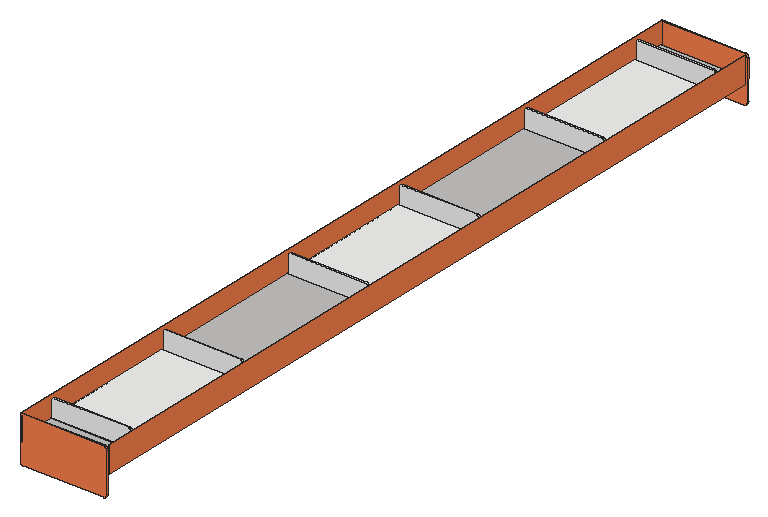
Revit family "Storage-Teknion-BALWO_Lateral_Worksurface_Organizer-R2018", category Furniture, Revit 2018
Family settings
  OmniClass Number = 23.40.20.00
  OmniClass Title = General Furniture and Specialties
  Work Plane-Based = Yes
  Always vertical = Yes
  Cut with Voids When Loaded = No
  Shared = Yes
  Room Calculation Point = No
Parameters (values of type "Lateral Worksurface Organizer")
  Warranty = "http://www.teknion.com/ca/papers/legal-canada"
  Unit Weight URL = "http://www.teknion.com/ca/tools/assets#&asset=bee6a381-b954-425e-8283-5a2de3a804f2,f828d448-4b62-4231-9e5f-9a8991c0ed77"
  URL = "www.teknion.com"
  Top End Bay Visibility [instance] = or(Depth > 22.000")  # yes
  To render please download texture images found here [instance] = "https://assets.teknion.com/web/5e81352c1dfdb467/revit-material-swatches/"
  Sustainability Data = "https://www.teknion.com/ca/tools/assets#&topic=216f99a5-57a0-44fc-b10a-9dee9b29ae4c&asset=444deb64-fe58-4b68-981e-f75e97781df7,b4ff2d81-9f2e-437d-9659-7cffb09c31cf"
  Sliding Tray Finish [instance] = Paint - Teknion - Mica - Very White
  Series = "Expansion Casegoods"  # constant formula
  Product Page URL = "https://www.teknion.com/ca/products/product-details?productlineid=0053336e-8e7a-673b-a6c8-ff00004460c4"
  Product Line = "Expansion Casegoods"  # constant formula
  Product Documentation Link = "https://www.teknion.com/pricing/expansion-casegoods/pdfs/Balwo_ppg.pdf"
  Part Number = "BALWO"  # constant formula
  Organizer Finish [instance] = Paint - Teknion - Accent - Tangelo
  Model = "BALWO_"
  Manufacturer Phone = "416-661-3370"  # constant formula
  Manufacturer Fax = "416.661.4586"  # constant formula
  Manufacturer Contact Information = "http://www.teknion.com/ca/contactus"
  Manufacturer Address = "1150 Flint Road, Toronto, ON. M3J 2J5. Canada"  # constant formula
  Manufacturer = "Teknion"  # constant formula
  Liner Finish [instance] = Fabric-Teknion-RB13-Carrera
  How To Use Teknion Materials User Guide [instance] = "https://assets.teknion.com/m/205dd0a49fa58060/original/How-to-add-a-Material-Library-and-Texture-Images-to-your-Revit-project.pdf"
  For Additional Finishes please visit [instance] = "https://assets.teknion.com/m/44a8009b046e5d47/original/Teknion_Materials_Library.zip"
  Description = "Lateral Worksurface Organizer"
  Depth [instance] = 46.000"
  Default Elevation = 48.000"
  Center Bay Visibility [instance] = or(Depth < 22.000", Depth > 40.000")  # yes
  Bottom End Bay Visibility [instance] = or(Depth > 22.000")  # yes
  Available Depths [instance] = "17, 21, 23, 24, 27, 29, 30, 35, 36, 40, 41, or 46 inches."  # constant formula
  Assembly Code = "E2020200"
  Actual Depth [instance] = Depth + 0.242"  # 46.242"
Reference planes (in)
  plane 1 "Center Front/Back": y = 0.16137
  plane 2: z = 0
  plane 3 "Center Left/Right": x = -0.01692
  plane 4 "Left": x = -2.51692
  plane 5 "Right": x = 2.48308
  plane 6 "Back": y = 23.28237
  plane 7 "Front": y = -22.95963
  plane 8 "Top": z = 0
  plane 9: z = 1.47638
Forms (in)
  Sweep 1, solid, material "Paint - Teknion - Accent - Tangelo" <- "Organizer Finish"
    path origin (0, 0.16137, 0) x (1, 0, 0) y (0, 0, 1)
      loop
        line (-0.01692, 0) -> (-0.01692, 1.47638)
    profile origin (-0.01692, 0.16137, 0.73819) x (-1, 0, 0) y (0, -1, 0)
      loop
        line (2.5, -23.06194) -> (2.5, 23.06194) -> (2.44094, 23.06194) -> (2.44094, -23.06194) -> (2.5, -23.06194)
  Sweep 2, solid, material "Paint - Teknion - Accent - Tangelo" <- "Organizer Finish"
    path origin (0, 0, 0) x (1, 0, 0) y (0, 1, 0)
      loop
        line (-0.01692, -22.72341) -> (-0.01692, 23.04615)
    profile origin (-0.01692, 0.16137, 0) x (-1, 0, 0) y (0, 0, 1)
      loop
        line (2.44094, 0) -> (2.44094, 0.05905) -> (-2.44094, 0.05905) -> (-2.44094, 1.47638) -> (-2.5, 1.47638) -> (-2.5, 0) -> (2.44094, 0)
  Sweep 3, solid, material "Paint - Teknion - Accent - Tangelo" <- "Organizer Finish"
    path origin (0, 0, 0) x (1, 0, 0) y (0, 1, 0)
      loop
        line (-0.01692, 23.28237) -> (-0.01692, 23.22332)
    profile origin (-0.01692, 23.25284, 0) x (1, 0, 0) y (0, 0, 1)
      loop
        line (-2.30315, -1.18898) -> (2.30315, -1.18898)
        arc (2.30315, -1.18898) -> (2.44234, -1.13132) -> (2.5, -0.99213) r 0.19685
        line (2.5, -0.99213) -> (2.5, 1.27953)
        arc (2.5, 1.27953) -> (2.44234, 1.41872) -> (2.30315, 1.47638) r 0.19685
        line (2.30315, 1.47638) -> (-2.5, 1.47638) -> (-2.5, -0.99213)
        arc (-2.5, -0.99213) -> (-2.44234, -1.13132) -> (-2.30315, -1.18898) r 0.19685
  Sweep 4, solid, material "Paint - Teknion - Accent - Tangelo" <- "Organizer Finish"
    path origin (0, -46.18339, 0) x (1, 0, 0) y (0, 1, 0)
      loop
        line (-0.01692, 23.28281) -> (-0.01692, 23.22376)
    profile origin (-0.01692, -22.9301, 0) x (1, 0, 0) y (0, 0, 1)
      loop
        line (-2.30315, -1.18898) -> (2.30315, -1.18898)
        arc (2.30315, -1.18898) -> (2.44234, -1.13132) -> (2.5, -0.99213) r 0.19685
        line (2.5, -0.99213) -> (2.5, 1.27953)
        arc (2.5, 1.27953) -> (2.44234, 1.41872) -> (2.30315, 1.47638) r 0.19685
        line (2.30315, 1.47638) -> (-2.5, 1.47638) -> (-2.5, -0.99213)
        arc (-2.5, -0.99213) -> (-2.44234, -1.13132) -> (-2.30315, -1.18898) r 0.19685
  Sweep 5, solid, material "Fabric-Teknion-RB13-Carrera" <- "Liner Finish"
    path origin (-0.01692, 0, 0) x (0, 1, 0) y (0, 0, 1)
      loop
        line (0.16137, 0.05905) -> (0.16137, 0.33465)
    profile origin (-0.01692, 0.16137, 0.19685) x (0, -1, 0) y (1, 0, 0)
      loop
        line (-22.88478, -2.3622) -> (22.88478, -2.3622) -> (22.88478, 2.3622) -> (-22.88478, 2.3622) -> (-22.88478, -2.3622)
  Sweep 6, solid, material "Paint - Teknion - Mica - Very White" <- "Sliding Tray Finish", visible <- "Bottom End Bay Visibility"
    path origin (0, 0, 0) x (1, 0, 0) y (0, 1, 0)
      loop
        line (-0.01692, -20.87301) -> (-0.01692, -20.93207)
    profile origin (-0.01692, -20.90254, 0) x (1, 0, 0) y (0, 0, 1)
      loop
        line (-2.28346, 0.3937) -> (2.28346, 0.3937) -> (2.28346, 1.3189)
        arc (2.28346, 1.3189) -> (2.23734, 1.43025) -> (2.12598, 1.47638) r 0.15748
        line (2.12598, 1.47638) -> (-2.12599, 1.47638)
        arc (-2.12599, 1.47638) -> (-2.23734, 1.43025) -> (-2.28346, 1.3189) r 0.15748
        line (-2.28346, 1.3189) -> (-2.28346, 0.3937)
  Sweep 7, solid, material "Paint - Teknion - Mica - Very White" <- "Sliding Tray Finish", visible <- "Bottom End Bay Visibility"
    path origin (0, 0, 0) x (1, 0, 0) y (0, 1, 0)
      loop
        line (-0.01692, -20.87301) -> (-0.01692, -12.91238)
    profile origin (-0.01692, -16.8927, 0) x (-1, 0, 0) y (0, 0, 1)
      loop
        line (2.44094, 0.3937) -> (-2.44094, 0.3937) -> (-2.44094, 0.1378) -> (-2.38189, 0.1378) -> (-2.38189, 0.33465) -> (2.38189, 0.33465) -> (2.38189, 0.1378) -> (2.44094, 0.1378) -> (2.44094, 0.3937)
  Sweep 8, solid, material "Paint - Teknion - Mica - Very White" <- "Sliding Tray Finish", visible <- "Bottom End Bay Visibility"
    path origin (0, 8.01968, 0) x (1, 0, 0) y (0, 1, 0)
      loop
        line (-0.01692, -20.87301) -> (-0.01692, -20.93207)
    profile origin (-0.01692, -12.88286, 0) x (1, 0, 0) y (0, 0, 1)
      loop
        line (-2.28346, 0.3937) -> (2.28346, 0.3937) -> (2.28346, 1.3189)
        arc (2.28346, 1.3189) -> (2.23734, 1.43025) -> (2.12598, 1.47638) r 0.15748
        line (2.12598, 1.47638) -> (-2.12599, 1.47638)
        arc (-2.12599, 1.47638) -> (-2.23734, 1.43025) -> (-2.28346, 1.3189) r 0.15748
        line (-2.28346, 1.3189) -> (-2.28346, 0.3937)
  Sweep 9, solid, material "Paint - Teknion - Mica - Very White" <- "Sliding Tray Finish", visible <- "Center Bay Visibility"
    path origin (0, 17.05429, 0) x (1, 0, 0) y (0, 1, 0)
      loop
        line (-0.01692, -20.87324) -> (-0.01692, -20.93229)
    profile origin (-0.01692, -3.84847, 0) x (1, 0, 0) y (0, 0, 1)
      loop
        line (-2.28346, 0.3937) -> (2.28346, 0.3937) -> (2.28346, 1.3189)
        arc (2.28346, 1.3189) -> (2.23734, 1.43025) -> (2.12598, 1.47638) r 0.15748
        line (2.12598, 1.47638) -> (-2.12599, 1.47638)
        arc (-2.12599, 1.47638) -> (-2.23734, 1.43025) -> (-2.28346, 1.3189) r 0.15748
        line (-2.28346, 1.3189) -> (-2.28346, 0.3937)
  Sweep 10, solid, material "Paint - Teknion - Mica - Very White" <- "Sliding Tray Finish", visible <- "Center Bay Visibility"
    path origin (0, 25.07398, 0) x (1, 0, 0) y (0, 1, 0)
      loop
        line (-0.01692, -20.87324) -> (-0.01692, -20.93229)
    profile origin (-0.01692, 4.17121, 0) x (1, 0, 0) y (0, 0, 1)
      loop
        line (-2.28346, 0.3937) -> (2.28346, 0.3937) -> (2.28346, 1.3189)
        arc (2.28346, 1.3189) -> (2.23734, 1.43025) -> (2.12598, 1.47638) r 0.15748
        line (2.12598, 1.47638) -> (-2.12599, 1.47638)
        arc (-2.12599, 1.47638) -> (-2.23734, 1.43025) -> (-2.28346, 1.3189) r 0.15748
        line (-2.28346, 1.3189) -> (-2.28346, 0.3937)
  Sweep 11, solid, material "Paint - Teknion - Mica - Very White" <- "Sliding Tray Finish", visible <- "Top End Bay Visibility"
    path origin (0, 34.10858, 0) x (1, 0, 0) y (0, 1, 0)
      loop
        line (-0.01692, -20.87346) -> (-0.01692, -20.93251)
    profile origin (-0.01692, 13.2056, 0) x (1, 0, 0) y (0, 0, 1)
      loop
        line (-2.28346, 0.3937) -> (2.28346, 0.3937) -> (2.28346, 1.3189)
        arc (2.28346, 1.3189) -> (2.23734, 1.43025) -> (2.12598, 1.47638) r 0.15748
        line (2.12598, 1.47638) -> (-2.12599, 1.47638)
        arc (-2.12599, 1.47638) -> (-2.23734, 1.43025) -> (-2.28346, 1.3189) r 0.15748
        line (-2.28346, 1.3189) -> (-2.28346, 0.3937)
  Sweep 12, solid, material "Paint - Teknion - Mica - Very White" <- "Sliding Tray Finish", visible <- "Top End Bay Visibility"
    path origin (0, 42.12827, 0) x (1, 0, 0) y (0, 1, 0)
      loop
        line (-0.01692, -20.87346) -> (-0.01692, -20.93251)
    profile origin (-0.01692, 21.22528, 0) x (1, 0, 0) y (0, 0, 1)
      loop
        line (-2.28346, 0.3937) -> (2.28346, 0.3937) -> (2.28346, 1.3189)
        arc (2.28346, 1.3189) -> (2.23734, 1.43025) -> (2.12598, 1.47638) r 0.15748
        line (2.12598, 1.47638) -> (-2.12599, 1.47638)
        arc (-2.12599, 1.47638) -> (-2.23734, 1.43025) -> (-2.28346, 1.3189) r 0.15748
        line (-2.28346, 1.3189) -> (-2.28346, 0.3937)
  Sweep 13, solid, material "Paint - Teknion - Mica - Very White" <- "Sliding Tray Finish", visible <- "Top End Bay Visibility"
    path origin (0, 34.10858, 0) x (1, 0, 0) y (0, 1, 0)
      loop
        line (-0.01692, -20.87346) -> (-0.01692, -12.91283)
    profile origin (-0.01692, 17.21544, 0) x (-1, 0, 0) y (0, 0, 1)
      loop
        line (2.44094, 0.3937) -> (-2.44094, 0.3937) -> (-2.44094, 0.1378) -> (-2.38189, 0.1378) -> (-2.38189, 0.33465) -> (2.38189, 0.33465) -> (2.38189, 0.1378) -> (2.44094, 0.1378) -> (2.44094, 0.3937)
  Sweep 14, solid, material "Paint - Teknion - Mica - Very White" <- "Sliding Tray Finish", visible <- "Center Bay Visibility"
    path origin (0, 17.05429, 0) x (1, 0, 0) y (0, 1, 0)
      loop
        line (-0.01692, -20.87324) -> (-0.01692, -12.9126)
    profile origin (-0.01692, 0.16137, 0) x (-1, 0, 0) y (0, 0, 1)
      loop
        line (2.44094, 0.3937) -> (-2.44094, 0.3937) -> (-2.44094, 0.1378) -> (-2.38189, 0.1378) -> (-2.38189, 0.33465) -> (2.38189, 0.33465) -> (2.38189, 0.1378) -> (2.44094, 0.1378) -> (2.44094, 0.3937)
  Sweep 15, solid, material "Paint - Teknion - Accent - Tangelo" <- "Organizer Finish"
    path origin (0, 0, 0) x (1, 0, 0) y (0, 1, 0)
      loop
        line (-0.01692, -22.72341) -> (-0.01692, -22.90057)
    profile origin (-0.01692, -22.81199, 0) x (1, 0, 0) y (0, 0, 1)
      loop
        line (-0.72835, 0.05905) -> (-0.72835, 0) -> (0.72835, 0) -> (0.72835, 0.05905) -> (-0.72835, 0.05905)
  Sweep 16, solid, material "Paint - Teknion - Accent - Tangelo" <- "Organizer Finish"
    path origin (0, 0.32274, 0) x (1, 0, 0) y (0, -1, 0)
      loop
        line (-0.01692, -22.72341) -> (-0.01692, -22.90057)
    profile origin (-0.01692, 23.13473, 0) x (-1, 0, 0) y (0, 0, 1)
      loop
        line (0.72835, 0.05905) -> (-0.72835, 0.05905) -> (-0.72835, 0) -> (0.72835, 0) -> (0.72835, 0.05905)
Lines and regions (in)
  Masking region 1
    outline origin (0, 0, 0) x (1, 0, 0) y (0, 1, 0)
      loop
        line (-2.51692, 23.28237) -> (-2.51692, 23.22332) -> (2.48308, 23.22332) -> (2.48308, 23.28237) -> (-2.51692, 23.28237)
  Masking region 2
    outline origin (0, 0, 0) x (1, 0, 0) y (0, 1, 0)
      loop
        line (-2.51692, 23.22332) -> (-2.51692, -22.90057) -> (-2.45787, -22.90057) -> (-2.45787, 23.22332) -> (-2.51692, 23.22332)
      loop
        line (2.42402, 23.04615) -> (2.42402, -22.72341) -> (2.48308, -22.72341) -> (2.48308, 23.04615) -> (2.42402, 23.04615)
  Masking region 3
    outline origin (0, 0, 0) x (1, 0, 0) y (0, 1, 0)
      loop
        line (-2.45787, -22.72341) -> (2.42402, -22.72341) -> (2.42402, 23.04615) -> (-2.45787, 23.04615) -> (-2.45787, -22.72341)
  Masking region 4
    outline origin (0, 0, 0) x (1, 0, 0) y (0, 1, 0)
      loop
        line (-2.51692, -22.90057) -> (-2.51692, -22.95963) -> (2.48308, -22.95963) -> (2.48308, -22.90057) -> (-2.51692, -22.90057)
  Masking region 5
    outline origin (0, 0, 0) x (1, 0, 0) y (0, 1, 0)
      loop
        line (-0.74527, 23.22332) -> (-0.74527, 23.04615) -> (0.71143, 23.04615) -> (0.71143, 23.22332) -> (-0.74527, 23.22332)
  Masking region 6
    outline origin (0, 0, 0) x (1, 0, 0) y (0, 1, 0)
      loop
        line (-0.74527, -22.72341) -> (-0.74527, -22.90057) -> (0.71143, -22.90057) -> (0.71143, -22.72341) -> (-0.74527, -22.72341)
  symbolic lines, style "Furniture", visible <- "Top End Bay Visibility"
    curve 1: line (2.42402, 21.19576, 0) -> (-2.45787, 21.19576, 0)
    curve 2: line (2.42402, 13.23513, 0) -> (-2.45787, 13.23513, 0)
    curve 3: line (-2.30039, 13.23513, 0) -> (-2.30039, 13.17607, 0)
    curve 4: line (-2.30039, 13.17607, 0) -> (2.26654, 13.17607, 0)
    curve 5: line (2.26654, 13.17607, 0) -> (2.26654, 13.23513, 0)
    curve 6: line (-2.30039, 21.25481, 0) -> (-2.30039, 21.19576, 0)
    curve 7: line (-2.30039, 21.25481, 0) -> (2.26654, 21.25481, 0)
    curve 8: line (2.26654, 21.19576, 0) -> (2.26654, 21.25481, 0)
    curve 9: line (2.36497, 21.19576, 0) -> (2.36497, 13.23513, 0)
    curve 10: line (-2.39881, 13.23513, 0) -> (-2.39881, 21.19576, 0)
  symbolic lines, style "Furniture", visible <- "Center Bay Visibility"
    curve 11: line (2.42402, 4.14169, 0) -> (-2.45787, 4.14169, 0)
  symbolic lines, style "FurnitureHiddenLines", visible <- "Center Bay Visibility"
    curve 12: line (-2.30039, 4.20074, 0) -> (-2.30039, 4.14169, 0)
    curve 13: line (-2.30039, 4.20074, 0) -> (2.26654, 4.20074, 0)
    curve 14: line (2.26654, 4.14169, 0) -> (2.26654, 4.20074, 0)
    curve 15: line (2.42402, 4.14169, 0) -> (-2.45787, 4.14169, 0)
    curve 16: line (2.42402, -3.81894, 0) -> (-2.45787, -3.81894, 0)
    curve 17: line (-2.30039, -3.81894, 0) -> (-2.30039, -3.878, 0)
    curve 18: line (-2.30039, -3.878, 0) -> (2.26654, -3.878, 0)
    curve 19: line (2.26654, -3.878, 0) -> (2.26654, -3.81894, 0)
  symbolic lines, visible <- "Bottom End Bay Visibility"
    curve 20: line (2.42402, -12.91238, 0) -> (-2.45787, -12.91238, 0)
    curve 21: line (2.42402, -20.87301, 0) -> (-2.45787, -20.87301, 0)
    curve 22: line (-2.30039, -20.93207, 0) -> (2.26654, -20.93207, 0)
    curve 23: line (-2.30039, -20.87301, 0) -> (-2.30039, -20.93207, 0)
    curve 24: line (2.26654, -20.93207, 0) -> (2.26654, -20.87301, 0)
    curve 25: line (-2.30039, -12.85333, 0) -> (-2.30039, -12.91238, 0)
    curve 26: line (-2.30039, -12.85333, 0) -> (2.26654, -12.85333, 0)
    curve 27: line (2.26654, -12.91238, 0) -> (2.26654, -12.85333, 0)
  symbolic lines, style "FurnitureHiddenLines", visible <- "Bottom End Bay Visibility", detail levels fine
    curve 28: line (-2.39881, -20.87301, 0) -> (-2.39881, -12.91238, 0)
    curve 29: line (2.36497, -12.91238, 0) -> (2.36497, -20.87301, 0)
  symbolic lines, style "FurnitureHiddenLines", detail levels medium+fine
    curve 30: line (-2.37913, 23.04615, 0) -> (-2.37913, -22.72341, 0)
    curve 31: line (2.34528, -22.72341, 0) -> (2.34528, 23.04615, 0)
  symbolic lines, style "FurnitureHiddenLines", visible <- "Center Bay Visibility", detail levels fine
    curve 32: line (-2.39881, -3.81894, 0) -> (-2.39881, 4.14169, 0)
    curve 33: line (2.36497, 4.14169, 0) -> (2.36497, -3.81894, 0)
  symbolic lines, style "FurnitureHiddenLines", visible <- "Top End Bay Visibility", detail levels fine
    curve 34: line (-2.39881, 13.23513, 0) -> (-2.39881, 21.19576, 0)
    curve 35: line (2.36497, 21.19576, 0) -> (2.36497, 13.23513, 0)
  reference lines
    curve 36: line (-2.51692, 23.28237, 0) -> (2.48308, 23.28237, 0)
    curve 37: line (-2.51692, -22.95963, 0) -> (2.48308, -22.95963, 0)
Dimensions and locks (in)
  equal spacing: plane 4 "Left", plane 3 "Center Left/Right", plane 5 "Right", locked at 2.5 each
  "Actual Depth": plane 6 "Back" to plane 7 "Front"
  plane 8 "Top" to level = 0.000"
  equal spacing: plane 7 "Front", plane 1 "Center Front/Back", plane 6 "Back"
  locked: plane 9 to plane 8 "Top" at 1.47638
  locked: plane 4 "Left" to Sweep 1 sketch curve at 0.05906
  locked: plane 7 "Front" to Sweep 1 sketch curve at 0.05906
  locked: plane 6 "Back" to Sweep 1 sketch curve at 0.05906
  locked: Sweep 2 sketch curve to plane 8 "Top" at 0.05905
  locked: Sweep 2 sketch curve to plane 5 "Right" at 0.05906
  locked: Sweep 2 sketch curve to plane 4 "Left" at 0.05906
  locked: plane 6 "Back" to Sweep 2 sketch curve at 0.23622
  locked: plane 7 "Front" to Sweep 2 sketch curve at 0.23622
  locked: plane 6 "Back" to Sweep 3 sketch curve at 0.05906
  locked: Sweep 3 sketch curve to plane 5 "Right" at 0.19685  (x2)
  locked: plane 9 to Sweep 3 sketch curve at 0.19685
  locked: plane 8 "Top" to Sweep 3 sketch curve at 0.99213  (x2)
  locked: Sweep 3 sketch curve to plane 4 "Left" at 0.19685
  locked: plane 7 "Front" to Sweep 4 sketch curve at 0.05906
  plane 8 "Top" to Sweep 4 sketch curve to Sweep 4 sketch curve to Sweep 4 sketch curve = 0.99213" locked, 0.000" locked, 0.19685" locked
  locked: Sweep 4 sketch curve to plane 4 "Left" at 0.19685
  locked: Sweep 4 sketch curve to plane 5 "Right" at 0.19685
  locked: plane 9 to Sweep 4 sketch curve at 0.19685
  Sweep 5 sketch curve to Sweep 5 sketch curve to plane 8 "Top" = 0.27559" locked, 0.05905" locked
  locked: Sweep 5 sketch curve to plane 5 "Right" at 0.1378
  locked: plane 4 "Left" to Sweep 5 sketch curve at 0.1378
  locked: plane 7 "Front" to Sweep 5 sketch curve at 0.23622
  locked: plane 6 "Back" to Sweep 5 sketch curve at 0.23622
  plane 7 "Front" to Sweep 6 sketch curve to Sweep 6 sketch curve = 2.02756" locked, 0.05905" locked
  locked: plane 9 to Sweep 6 sketch curve at 0.15748  (x2)
  locked: Sweep 6 sketch curve to plane 5 "Right" at 0.37402
  locked: Sweep 6 sketch curve to plane 4 "Left" at 0.37401
  locked: Sweep 6 sketch curve to plane 8 "Top" at 0.3937
  plane 7 "Front" to Sweep 7 sketch curve to Sweep 7 sketch curve = 2.08662" locked, 7.96063" locked
  Sweep 7 sketch curve to Sweep 7 sketch curve to plane 4 "Left" = 0.05906" locked, 0.05906" locked
  Sweep 7 sketch curve to Sweep 7 sketch curve to plane 5 "Right" = 0.05906" locked, 0.05906" locked
  Sweep 7 sketch curve to Sweep 7 sketch curve to Sweep 7 sketch curve to Sweep 7 sketch curve to plane 8 "Top" = 0.05905" locked, 0.19685" locked, 0.000" locked, 0.1378" locked
  plane 7 "Front" to Sweep 8 sketch curve to Sweep 8 sketch curve = 10.04725" locked, 0.05905" locked
  Sweep 9 sketch curve to Sweep 9 sketch curve to plane 1 "Center Front/Back" = 0.05905" locked, 3.98031" locked
  plane 1 "Center Front/Back" to Sweep 10 sketch curve to Sweep 10 sketch curve = 3.98032" locked, 0.05905" locked
  Sweep 11 sketch curve to Sweep 11 sketch curve to plane 6 "Back" = 0.05905" locked, 10.04724" locked
  locked: Sweep 12 sketch curve to Sweep 12 sketch curve at 0.05905
  Sweep 13 sketch curve to Sweep 13 sketch curve to plane 6 "Back" = 7.96063" locked, 2.08661" locked
  locked: Sweep 13 sketch curve to Sweep 13 sketch curve at 0.05906  (x2)
  Sweep 13 sketch curve to Sweep 13 sketch curve to Sweep 13 sketch curve to Sweep 13 sketch curve = 0.05905" locked, 0.19685" locked, 0.000" locked
  Sweep 14 sketch curve to plane 1 "Center Front/Back" to Sweep 14 sketch curve = 3.98032" locked, 3.98032" locked
  locked: Sweep 14 sketch curve to Sweep 14 sketch curve at 0.05906  (x2)
  Sweep 14 sketch curve to Sweep 14 sketch curve to Sweep 14 sketch curve to Sweep 14 sketch curve = 0.05905" locked, 0.19685" locked, 0.000" locked
  plane 7 "Front" to Sweep 15 sketch curve to Sweep 15 sketch curve = 0.05906" locked, 0.17716" locked
  Sweep 15 sketch curve to plane 3 "Center Left/Right" to Sweep 15 sketch curve = 0.72835" locked, 0.72835" locked
  locked: Sweep 15 sketch curve to plane 8 "Top" at 0.05905
  plane 6 "Back" to Sweep 16 sketch curve to Sweep 16 sketch curve = 0.05906" locked, 0.17716" locked
  Sweep 16 sketch curve to plane 3 "Center Left/Right" to Sweep 16 sketch curve = 0.72835" locked, 0.72835" locked
  Masking region 5 sketch curve to plane 3 "Center Left/Right" to Masking region 5 sketch curve = 0.72835" locked, 0.72835" locked
  aligned and locked: level to plane 2
  aligned and locked: plane 9 to Sweep 1 sketch curve
  aligned and locked: plane 8 "Top" to Sweep 1 sketch curve
  aligned and locked: plane 3 "Center Left/Right" to Sweep 1 sketch curve
  aligned and locked: Sweep 1 sketch curve to plane 4 "Left"
  aligned and locked: plane 8 "Top" to Sweep 2 sketch curve
  aligned and locked: Sweep 2 sketch curve to plane 5 "Right"
  aligned and locked: plane 9 to Sweep 2 sketch curve
  aligned and locked: plane 3 "Center Left/Right" to Sweep 2 sketch curve
  aligned and locked: plane 6 "Back" to Sweep 3 sketch curve
  aligned and locked: plane 5 "Right" to Sweep 3 sketch curve
  aligned and locked: Sweep 3 sketch curve to plane 9
  aligned and locked: Sweep 3 sketch curve to plane 4 "Left"
  aligned and locked: plane 7 "Front" to Sweep 4 sketch curve
  aligned and locked: Sweep 4 sketch curve to plane 4 "Left"
  aligned and locked: Sweep 4 sketch curve to plane 9
  aligned and locked: plane 5 "Right" to Sweep 4 sketch curve
  aligned and locked: plane 1 "Center Front/Back" to Sweep 5 sketch curve
  aligned and locked: Sweep 6 sketch curve to plane 3 "Center Left/Right"
  aligned and locked: Sweep 6 sketch curve to plane 9
  aligned and locked: plane 3 "Center Left/Right" to Sweep 7 sketch curve
  aligned and locked: Sweep 15 sketch curve to plane 3 "Center Left/Right"
  aligned and locked: plane 8 "Top" to Sweep 15 sketch curve
  aligned and locked: Masking region 1 sketch curve to plane 4 "Left"
  aligned and locked: Masking region 1 sketch curve to Sweep 3
  aligned and locked: plane 5 "Right" to Masking region 1 sketch curve
  aligned and locked: Masking region 1 sketch curve to plane 6 "Back"
  aligned and locked: Masking region 2 sketch curve to Sweep 3
  aligned and locked: Masking region 2 sketch curve to Sweep 1  (x3)
  aligned and locked: Masking region 2 sketch curve to Sweep 2  (x4)
  aligned and locked: Sweep 2 to Masking region 3 sketch curve
  aligned and locked: Masking region 3 sketch curve to Sweep 2  (x2)
  aligned and locked: Masking region 3 sketch curve to Sweep 1
  aligned and locked: Masking region 4 sketch curve to Sweep 4
  aligned and locked: plane 5 "Right" to Masking region 4 sketch curve
  aligned and locked: plane 4 "Left" to Masking region 4 sketch curve
  aligned and locked: Masking region 4 sketch curve to plane 7 "Front"
  aligned and locked: Sweep 3 to Masking region 5 sketch curve
  aligned and locked: Sweep 2 to Masking region 5 sketch curve
  aligned and locked: Masking region 6 sketch curve to Sweep 15  (x4)
  aligned and locked: curve 1 to Sweep 13
  aligned and locked: curve 2 to Sweep 13
  aligned and locked: curve 3 to Sweep 11
  aligned and locked: curve 4 to Sweep 11
  aligned and locked: curve 5 to Sweep 11
  aligned and locked: curve 6 to Sweep 12
  aligned and locked: curve 7 to Sweep 12
  aligned and locked: curve 8 to Sweep 12
  aligned and locked: curve 9 to Sweep 13
  aligned and locked: curve 10 to Sweep 13
  aligned and locked: curve 11 to Sweep 14
  aligned and locked: curve 12 to Sweep 10
  aligned and locked: curve 13 to Sweep 10
  aligned and locked: curve 14 to Sweep 10
  aligned and locked: curve 15 to Sweep 14
  aligned and locked: curve 16 to Sweep 14
  aligned and locked: curve 17 to Sweep 9
  aligned and locked: curve 18 to Sweep 9
  aligned and locked: curve 19 to Sweep 9
  aligned and locked: curve 20 to Sweep 7
  aligned and locked: curve 21 to Sweep 7
  aligned and locked: curve 22 to Sweep 6
  aligned and locked: curve 23 to Sweep 6
  aligned and locked: curve 24 to Sweep 6
  aligned and locked: curve 25 to Sweep 8
  aligned and locked: curve 26 to Sweep 8
  aligned and locked: curve 27 to Sweep 8
  aligned and locked: curve 28 to Sweep 7
  aligned and locked: curve 29 to Sweep 7
  aligned and locked: curve 30 to Sweep 5
  aligned and locked: curve 31 to Sweep 5
  aligned and locked: curve 32 to Sweep 14
  aligned and locked: curve 33 to Sweep 14
  aligned and locked: curve 34 to Sweep 13
  aligned and locked: curve 35 to Sweep 13
  aligned and locked: curve 36 to plane 6 "Back"
  aligned and locked: curve 37 to plane 7 "Front"
Automatic sketch dimensions
  Sweep 3 sketch curve to plane 3 "Center Left/Right" = 0.000"
  Sweep 4 sketch curve to plane 3 "Center Left/Right" = 0.000"
  Sweep 8 sketch curve to plane 3 "Center Left/Right" = 0.000"
  profile plane to Sweep 8 sketch curve = 2.28346"
  Sweep 8 sketch curve to Sweep 8 sketch curve = 0.15748"  (x2)
  level to Sweep 8 sketch curve = 1.3189"
  Sweep 8 sketch curve to profile plane = 2.12598"
  level to Sweep 8 sketch curve = 0.3937"
  Sweep 9 sketch curve to plane 3 "Center Left/Right" = 0.000"
  profile plane to Sweep 9 sketch curve = 2.28346"
  Sweep 9 sketch curve to Sweep 9 sketch curve = 0.15748"  (x2)
  level to Sweep 9 sketch curve = 1.3189"
  Sweep 9 sketch curve to profile plane = 2.12598"
  level to Sweep 9 sketch curve = 0.3937"
  Sweep 10 sketch curve to plane 3 "Center Left/Right" = 0.000"
  profile plane to Sweep 10 sketch curve = 2.28346"
  Sweep 10 sketch curve to Sweep 10 sketch curve = 0.15748"  (x2)
  level to Sweep 10 sketch curve = 1.3189"
  Sweep 10 sketch curve to profile plane = 2.12598"
  level to Sweep 10 sketch curve = 0.3937"
  Sweep 11 sketch curve to plane 3 "Center Left/Right" = 0.000"
  profile plane to Sweep 11 sketch curve = 2.28346"
  Sweep 11 sketch curve to Sweep 11 sketch curve = 0.15748"  (x2)
  level to Sweep 11 sketch curve = 1.3189"
  Sweep 11 sketch curve to profile plane = 2.12598"
  level to Sweep 11 sketch curve = 0.3937"
  Sweep 12 sketch curve to plane 3 "Center Left/Right" = 0.000"
  Sweep 12 sketch curve to plane 6 "Back" = 2.08661"
  profile plane to Sweep 12 sketch curve = 2.28346"
  Sweep 12 sketch curve to Sweep 12 sketch curve = 0.15748"  (x2)
  level to Sweep 12 sketch curve = 1.3189"
  Sweep 12 sketch curve to profile plane = 2.12598"
  level to Sweep 12 sketch curve = 0.3937"
  Sweep 13 sketch curve to plane 3 "Center Left/Right" = 0.000"
  level to Sweep 13 sketch curve = 0.3937"
  profile plane to Sweep 13 sketch curve = 2.44094"
  Sweep 13 sketch curve to profile plane = 2.38189"
  Sweep 14 sketch curve to plane 3 "Center Left/Right" = 0.000"
  level to Sweep 14 sketch curve = 0.3937"
  profile plane to Sweep 14 sketch curve = 2.44094"
  Sweep 14 sketch curve to profile plane = 2.38189"
  Sweep 16 sketch curve to plane 3 "Center Left/Right" = 0.000"
  Sweep 16 sketch curve to level = 0.000"
  level to Sweep 16 sketch curve = 0.05905"
  plane 4 "Left" to curve 1 = 0.05906"
  plane 4 "Left" to curve 2 = 0.05906"
  plane 5 "Right" to curve 2 = 0.05906"
  curve 9 to curve 1 = 0.05906"
  plane 4 "Left" to curve 11 = 0.05906"
  plane 5 "Right" to curve 11 = 0.05906"
  curve 15 to curve 11 = 0.000"  (x2)
  plane 4 "Left" to curve 16 = 0.05906"
  curve 17 to curve 17 = 0.05905"
  curve 19 to curve 19 = 0.05905"
  plane 5 "Right" to curve 20 = 0.05906"
  plane 4 "Left" to curve 21 = 0.05906"
  plane 5 "Right" to curve 21 = 0.05906"
  curve 20 to curve 28 = 0.05906"
  curve 30 to plane 7 "Front" = 0.23622"
  curve 30 to plane 6 "Back" = 0.23622"
  curve 31 to plane 7 "Front" = 0.23622"
  curve 31 to plane 6 "Back" = 0.23622"
  curve 33 to curve 16 = 0.05906"
  curve 36 to plane 4 "Left" = 0.000"
  curve 36 to plane 5 "Right" = 0.000"
  curve 37 to plane 4 "Left" = 0.000"
  curve 37 to plane 5 "Right" = 0.000"
